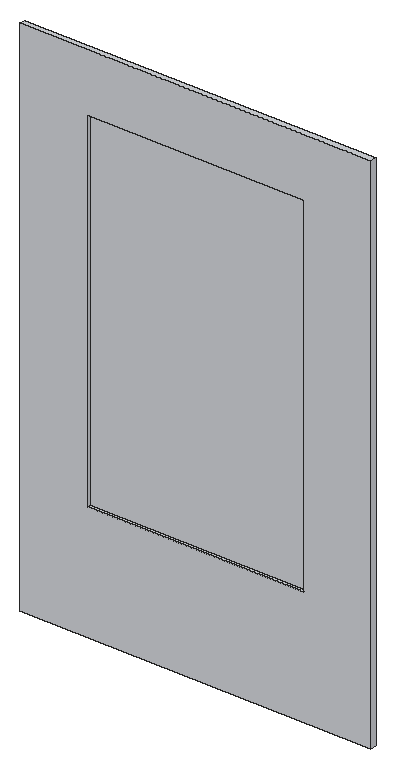
Revit family "ascot.Vogue Solo 900", category Generic Models, Revit 2017
Family settings
  Can host rebar = No
  Round Connector Dimension = Use Diameter
  Part Type = Normal
  Work Plane-Based = No
  Always vertical = Yes
  Cut with Voids When Loaded = No
  Shared = Yes
  Room Calculation Point = No
Parameters (values of type "2720 x 1200")
  Panel_width = 600 mm  # constant formula
  Panel_thickness = 9 mm  # constant formula
  Ascot Panel Material = none
  URL = "https://www.easycraft.com.au/uploads/files/2018/08/08/file5b6a87bba428c.pdf"
  Model = "ascot.Vogue Solo 900 (900 x 600)"  # constant formula
  Manufacturer = "Easycraft Australia Pty Ltd ph 07 3906 7200"  # constant formula
  Panel_height = 900 mm  # constant formula
  Description = "ASVG 90x60"  # constant formula
  Assembly Code = ""
Reference planes
  plane 1 "Center (Front/Back)": y = 0
  plane 2: z = 0
  plane 3 "Center (Left/Right)": x = 0
  plane 4 "Panel face": y = -9
  plane 5: z = 900
  plane 6: x = 600
Forms (mm)
  Extrusion 1, solid, material <- "Ascot Panel Material"
    sketch origin (0, 0, 0) x (1, 0, 0) y (0, 1, 0)
      loop
        line (0, 0) -> (0, -9) -> (600, -9) -> (600, 0) -> (0, 0)
    from 0 to 900
  Extrusion 2, void
    sketch origin (0, -9, 0) x (1, 0, 0) y (0, 0, 1)
      loop
        line (115, 800) -> (115, 200) -> (485, 200) -> (485, 800) -> (115, 800)
    from 0 to -5
Cuts and joins
  Extrusion 2 cuts Extrusion 1
Dimensions and locks
  "Panel_thickness": plane 4 "Panel face" to plane 1 "Center (Front/Back)"
  "Panel_height": plane 5 to plane 2
  "Panel_width": plane 6 to plane 3 "Center (Left/Right)"
  locked: cut or joined group of Extrusion 1, Extrusion 2 to plane 3 "Center (Left/Right)" at 115
  locked: plane 6 to cut or joined group of Extrusion 1, Extrusion 2 at 115
  locked: plane 5 to cut or joined group of Extrusion 1, Extrusion 2 at 100
  locked: cut or joined group of Extrusion 1, Extrusion 2 to plane 2 at 200
  cut or joined group of Extrusion 1, Extrusion 2 to cut or joined group of Extrusion 1, Extrusion 2 = 370 mm
  cut or joined group of Extrusion 1, Extrusion 2 to cut or joined group of Extrusion 1, Extrusion 2 = 600 mm
  aligned and locked: level to plane 2
  aligned and locked: Extrusion 1 to level
  aligned and locked: plane 4 "Panel face" to Extrusion 1
  aligned and locked: plane 5 to Extrusion 1
  aligned and locked: Extrusion 1 sketch curve to plane 6
Automatic sketch dimensions
  Extrusion 1 sketch curve to plane 3 "Center (Left/Right)" = 0 mm
  plane 4 "Panel face" to Extrusion 1 sketch curve = 0 mm
  plane 1 "Center (Front/Back)" to Extrusion 1 sketch curve = 0 mm
  plane 3 "Center (Left/Right)" to Extrusion 2 sketch curve = 115 mm
  level to Extrusion 2 sketch curve = 200 mm
  Extrusion 2 sketch curve to Extrusion 2 sketch curve = 370 mm
  Extrusion 2 sketch curve to plane 5 = 100 mm
